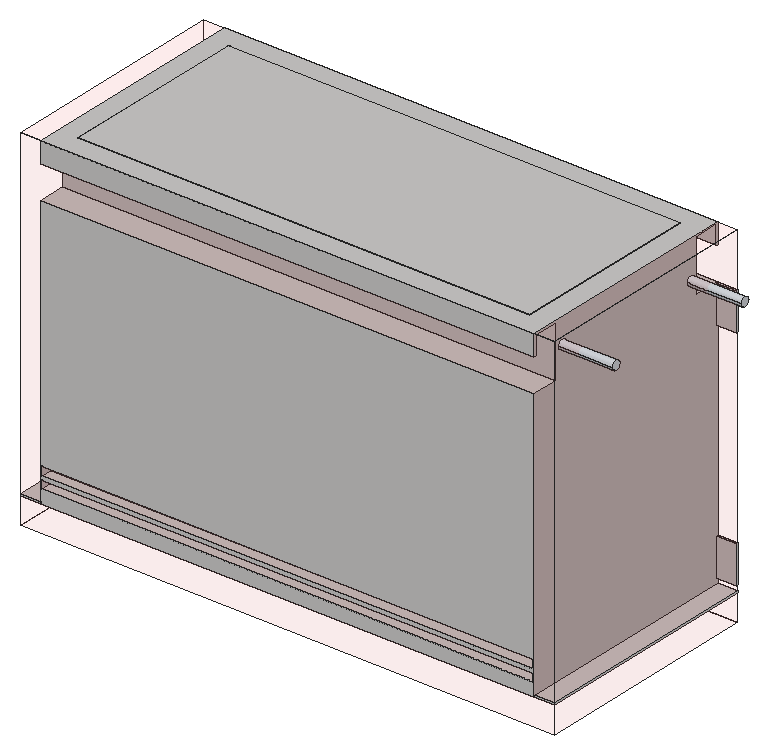
Revit family "Air-Curtain_Customer-Entry_PoweredAire_CHS", category Mechanical Equipment, host Face, Revit 2019
Family settings
  Host = Face
  Round Connector Dimension = Use Diameter
  Part Type = Normal
  OmniClass Number = 23.75.35.17.21
  OmniClass Title = Air Curtains
  Cut with Voids When Loaded = No
  Shared = No
  Room Calculation Point = No
Parameters
  upperrotation [instance] = if(Upper Pipe Connection Side A, 0.00°, 180.00°)  # 0.00°
  lowerrotation [instance] = if(Lower Pipe Connection Side A, 0.00°, 180.00°)  # 0.00°
  locateupperpipe [instance] = if(Upper Pipe Connection Side A, 0' 0", Nozzle Width)  # 0' - 0"
  locatelowerpipe [instance] = if(Lower Pipe Connection Side A, 0' 0", Nozzle Width)  # 0' - 0"
  Warranty Duration (Years) = 0
  Upper Pipe Connection Side A [instance] = yes
  Unit Width Notes = "Other Widths available."  # constant formula
  Unit Width = 3' - 3"
  Unit Weight = 0
  Unit Height = 1' - 4 3/4"
  Unit Depth [instance] = if(Include Filters, 2' 1 7/8", 1' 11 3/4")  # 1' - 11 3/4"
  URL = "http://www.poweredaire.com/"
  Test Data = ""
  Temperature Rise_Range = "as Specified"
  Standards Conformance = "as Specified"
  Specification = "http://www.arcat.com/sdspecs/htm04/23_34_33pai.htm"
  SpecWizard = ""
  Sound Pressure = "as Specified"
  Sales Information = "http://www.poweredaire.com/contact_us"
  Revision = "R1_2016-08"
  Projection from Host [instance] = 0' - 2"
  Product Properties = ""
  Product Data = "http://www.arcat.com/arcatcos/cos47/arc47623.html"
  Power Rating = 0 W
  Piping_Water Flow [instance] = 0 GPM
  Piping_Operating Pressure [instance] = 0.00 psi
  Piping_Exit Temperature [instance] = 0 °F
  Piping_Entry Temperature [instance] = 0 °F
  Pipe OD [instance] = 5/8"
  Outlet Volume_Range = "as Specified"
  Outlet Velocity_Range = "as Specified"
  Nozzle Width = if(1 = 1, Unit Width - 0' 3", 0' 0")  # 3' - 0"
  Mounting Width = if(1 = 1, Unit Width - 0' 1 1/2", 0' 0")  # 3' - 1 1/2"
  Mounting Height [instance] = 3' - 6"
  Motor RPM = 0
  Motor HP = 0
  Motor Count = 0
  Model = "As Specified"
  Max Height = 0' - 0"
  Manufacturer Website = "http://www.poweredaire.com/"
  Manufacturer Phone - Toll Free = "888-321-2473"
  Manufacturer Phone = "724-588-3305"
  Manufacturer Fax = "724-588-3371"
  Manufacturer Address = "109 Mortensen Rd.  Greenville, PA 16125"
  Manufacturer = "Powered Aire, Inc"
  Maintenance Schedule (Months) = 0
  Lower Pipe Connection Side A [instance] = yes
  Keynote = "23 34 33"
  Installation-Fabrication = ""
  Installation Phase = ""
  Include Filters [instance] = no
  Include Clearance [instance] = yes
  Heating Element Load = 0 W
  HVAC_Temperature Rise [instance] = 0 °F
  HVAC_Outlet Volume [instance] = 0 CFM
  HVAC_Outlet Velocity Uniformity = 0
  HVAC_Outlet Velocity [instance] = 0 FPM
  HVAC_BTU Input = 0.0 Btu/h
  Green Building-LEED = "http://www.arcat.com/green/clients/leed_data_47623.html"
  Front Grating Material [instance] = Metal - Steel - PoweredAire - Stainless 304 Perforated
  Frame Finish [instance] = Metal - Steel - PoweredAire - Stainless 304
  Expected Lifespan (Years) = 0
  Electrical_Wattage [instance] = Power Rating + Heating Element Load  # 0 W
  Electrical_Voltage [instance] = 0 V
  Electrical_Phase [instance] = 1
  Electrical_Frequency [instance] = 0 Hz
  Electrical_Amperage [instance] = 0 A
  Drawn By = "Sumex Design, Inc. / Robert S. Weygant, CSI, CDT, SCIP"
  Description = "Powered Aire Air Curtain as Specified"
  Default Elevation = 0' - 0"  # constant formula
  Copyright = "©Arcat Inc."
  Construction Details = "http://www.arcat.com/details/powair/prod3336.html"
  Clearance_Top [instance] = 0' - 0"
  Clearance_Side B [instance] = 0' - 0"
  Clearance_Side A [instance] = 0' - 0"
  Clearance_Intake [instance] = 0' - 0"
  Clearance_Bottom [instance] = 0' - 0"
  Clearance Material [instance] = ARCAT Clearance
  Building Codes = ""
  Available Options [instance] = "as Specified"
  Assembly Code = "D3090400"
Reference planes (in)
  plane 1 "Center (Elevation)": y = 0.13818
  plane 2: z = 0
  plane 3 "Center (Left/Right)": x = 0
  plane 4: y = 8.51318
  plane 5: y = -8.23682
  plane 6: x = -19.5
  plane 7: x = 19.5
  plane 8: z = 25.75
  plane 9 "FF": y = -41.86182
  plane 10: z = 2
  plane 11: x = 18
  plane 12: x = -18
  plane 13: y = 8.51318
  plane 14: y = -8.23682
  plane 15: x = -19.5
  plane 16: x = 19.5
  plane 17: z = 25.75
  plane 18: x = 17.9375
  plane 19: x = -17.9375
  plane 20: x = 18
  plane 21: x = 18
  plane 22: y = 6.01318
  plane 23: y = -5.73682
Forms (in)
  Extrusion 1, solid, material "Metal - Steel - PoweredAire - Stainless 304" <- "Frame Finish"
    sketch origin (0, 0, 0) x (0, 1, 0) y (0, 0, 1)
      loop
        line (-8.23682, 2) -> (8.51318, 2) -> (8.51318, 21.8125) -> (6.51318, 21.8125) -> (6.51318, 25.625) -> (8.38818, 25.625) -> (8.38818, 24.25) -> (8.51318, 24.25) -> (8.51318, 25.75) -> (-8.23682, 25.75) -> (-8.23682, 24.25) -> (-8.11182, 24.25) -> (-8.11182, 25.625) -> (-6.23682, 25.625) -> (-6.23682, 21.8125) -> (-8.23682, 21.8125) -> (-8.23682, 2)
    from -18 to 18
  Extrusion 2, solid, material "ARCAT Clearance" <- "Clearance Material", visible <- "Include Clearance"
    sketch origin (0, 0, 0) x (0, 1, 0) y (0, 0, 1)
      loop
        line (-8.23682, 25.75) -> (-8.23682, 0) -> (8.51318, 0) -> (8.51318, 25.75) -> (-8.23682, 25.75)
    from -19.5 to 19.5
  Extrusion 3, solid, material "Metal - Steel - PoweredAire - Stainless 304" <- "Frame Finish"
    sketch origin (-15.17702, -180, 2) x (-1, 0, 0) y (0, -1, 0)
      loop
        line (-33.17702, -188.51318) -> (-33.17702, -171.76318) -> (-34.67702, -171.76318) -> (-34.67702, -188.51318) -> (-33.17702, -188.51318)
      loop
        line (2.82298, -188.51318) -> (4.32298, -188.51318) -> (4.32298, -171.76318) -> (2.82298, -171.76318) -> (2.82298, -188.51318)
    from 0 to 0.125
  Extrusion 4, solid, material "Metal - Steel - PoweredAire - Stainless 304" <- "Frame Finish"
    sketch origin (-11.83813, 8.51318, 48) x (-1, 0, 0) y (0, 0, 1)
      loop
        line (-29.83813, -45.5) -> (-29.83813, -42.75) -> (-31.33813, -42.75) -> (-31.33813, -45.5) -> (-29.83813, -45.5)
      loop
        line (-29.83813, -28.9375) -> (-29.83813, -26.1875) -> (-31.33813, -26.1875) -> (-31.33813, -28.9375) -> (-29.83813, -28.9375)
      loop
        line (6.16187, -45.5) -> (7.66187, -45.5) -> (7.66187, -42.75) -> (6.16187, -42.75) -> (6.16187, -45.5)
      loop
        line (6.16187, -28.9375) -> (7.66187, -28.9375) -> (7.66187, -26.1875) -> (6.16187, -26.1875) -> (6.16187, -28.9375)
    from 0 to -0.125
  Extrusion 5, void
    sketch origin (0, 0, 0) x (0, 1, 0) y (0, 0, 1)
      loop
        line (-8.23682, 3) -> (-7.23682, 3) -> (-7.23682, 4.5) -> (-8.23682, 4.5) -> (-8.23682, 3.82425) -> (-7.38364, 3.82425) -> (-7.38364, 3.57425) -> (-8.23682, 3.57425) -> (-8.23682, 3)
    from -17.9375 to 17.9375
  Extrusion 6, solid, material "Metal - Steel - PoweredAire - Stainless 304 Perforated" <- "Front Grating Material"
    sketch origin (0, -8.23682, 25.75) x (0, 1, 0) y (-1, 0, 0)
      loop
        line (15.25, 16.5) -> (1.5, 16.5) -> (1.5, -16.5) -> (15.25, -16.5) -> (15.25, 16.5)
    from 0 to 0.03125
  Sweep 7, solid
    path origin (18, 6.01318, 0) x (1, 0, 0) y (0, 1, 0)
      loop
        line (0, 0) -> (4, 0)
    profile origin (20, 6.01318, 0) x (0, 1, 0) y (0, 0, 1)
      loop
        circle (0, 23) r 0.3125
  Sweep 8, solid
    path origin (18, -5.73682, 0) x (1, 0, 0) y (0, 1, 0)
      loop
        line (0, 0) -> (4, 0)
    profile origin (20, -5.73682, 0) x (0, 1, 0) y (0, 0, 1)
      loop
        circle (0, 24) r 0.3125
Cuts and joins
  Extrusion 5 cuts Extrusion 1
Lines and regions (in)
  reference lines
    curve 1: line (18, 6.01318, 0) -> (22.75, 6.01318, 0)
    curve 2: line (18, -5.73682, 0) -> (23.75, -5.73682, 0)
Dimensions and locks (in)
  equal spacing: plane 4, plane 1 "Center (Elevation)", plane 5
  "Unit Height": plane 4 to plane 5
  equal spacing: plane 6, plane 3 "Center (Left/Right)", plane 7
  "Unit Width": plane 6 to plane 7
  "Mounting Height": plane 1 "Center (Elevation)" to plane 9 "FF"
  "Projection from Host": plane 10 to level
  "Unit Depth": plane 8 to plane 10
  locked: plane 6 to plane 12 at 1.5
  locked: plane 11 to plane 7 at 1.5
  "Clearance_Side A": plane 7 to plane 16
  "Clearance_Side B": plane 15 to plane 6
  "Clearance_Top": plane 13 to plane 4
  "Clearance_Bottom": plane 5 to plane 14
  "Clearance_Intake": plane 17 to plane 8
  plane 5 to Extrusion 1 sketch curve to Extrusion 1 sketch curve = 0' - 0 1/8" locked, 0' - 1 7/8" locked
  Extrusion 1 sketch curve to Extrusion 1 sketch curve to plane 4 = 0' - 1 7/8" locked, 0' - 0 1/8" locked
  Extrusion 4 sketch curve to Extrusion 4 sketch curve to Extrusion 4 sketch curve to Extrusion 4 sketch curve to plane 10 = 0' - 2 3/4" locked, 1' - 1 13/16" locked, 0' - 2 3/4" locked, 0' - 0 1/2" locked
  Extrusion 4 sketch curve to Extrusion 4 sketch curve to Extrusion 4 sketch curve to Extrusion 4 sketch curve = 0' - 2 3/4" locked, 1' - 1 13/16" locked, 0' - 2 3/4" locked
  locked: Extrusion 4 sketch curve to plane 10 at 0.5
  plane 8 to Extrusion 1 sketch curve to Extrusion 1 sketch curve = 0' - 0 1/8" locked, 0' - 1 3/8" locked  (x2)
  locked: Extrusion 1 sketch curve to plane 10 at 19.8125  (x2)
  Extrusion 5 sketch curve to Extrusion 5 sketch curve to Extrusion 5 sketch curve to Extrusion 5 sketch curve to plane 10 = 0' - 0.67575" locked, 0' - 0 1/4" locked, 0' - 0.57425" locked, 0' - 1" locked
  plane 5 to Extrusion 5 sketch curve to Extrusion 5 sketch curve = 0' - 0.85319" locked, 0' - 0.14681" locked
  locked: plane 19 to plane 12 at 0.0625
  locked: plane 11 to plane 18 at 0.0625
  locked: plane 4 to Extrusion 6 sketch curve at 1.5
  locked: Extrusion 6 sketch curve to plane 5 at 1.5
  locked: Extrusion 6 sketch curve to plane 11 at 1.5
  locked: plane 12 to Extrusion 6 sketch curve at 1.5
  "locateupperpipe": plane 20 to plane 11
  "locatelowerpipe": plane 21 to plane 11
  locked: plane 4 to plane 22 at 2.5
  locked: plane 23 to plane 5 at 2.5
  locked: curve 1 to Sweep 7 sketch curve at 4
  locked: curve 1 to Sweep 7 sketch curve
  locked: Sweep 7 sketch curve to plane 10 at 21
  locked: curve 2 to Sweep 8 sketch curve at 4
  locked: curve 2 to Sweep 8 sketch curve
  locked: Sweep 8 sketch curve to plane 10 at 22
  "upperrotation": angle plane 22 to curve 1
  "lowerrotation": angle plane 23 to curve 2
  aligned and locked: plane 2 to host face
  aligned and locked: level to host face
  aligned and locked: Extrusion 2 sketch curve to plane 17
  aligned and locked: plane 14 to Extrusion 2 sketch curve
  aligned and locked: level to Extrusion 2 sketch curve
  aligned and locked: Extrusion 2 sketch curve to plane 13
  aligned and locked: plane 16 to Extrusion 2
  aligned and locked: Extrusion 2 to plane 15
  aligned and locked: plane 11 to Extrusion 1
  aligned and locked: Extrusion 1 to plane 12
  aligned and locked: plane 21 to curve 2
  aligned and locked: plane 23 to curve 2
  aligned and locked: plane 22 to curve 1
  aligned and locked: plane 20 to curve 1
Automatic sketch dimensions
  host sketch curve to host sketch curve = 8' - 0"  (x2)
  Extrusion 1 sketch curve to plane 5 = 0' - 0"  (x2)
  Extrusion 1 sketch curve to plane 4 = 0' - 0"  (x2)
  Extrusion 1 sketch curve to plane 10 = 0' - 0"
  Extrusion 1 sketch curve to plane 8 = 0' - 0"
  plane 4 to Extrusion 3 sketch curve = 0' - 0"
  Extrusion 3 sketch curve to plane 7 = 0' - 0"
  plane 5 to Extrusion 3 sketch curve = 0' - 0"
  Extrusion 3 sketch curve to plane 11 = 0' - 0"
  Extrusion 3 sketch curve to plane 4 = 0' - 0"
  Extrusion 3 sketch curve to plane 12 = 0' - 0"
  Extrusion 3 sketch curve to plane 6 = 0' - 0"
  Extrusion 3 sketch curve to plane 5 = 0' - 0"
  Extrusion 4 sketch curve to plane 7 = 0' - 0"  (x2)
  Extrusion 4 sketch curve to plane 11 = 0' - 0"  (x2)
  Extrusion 4 sketch curve to plane 12 = 0' - 0"  (x2)
  Extrusion 4 sketch curve to plane 6 = 0' - 0"  (x2)
  Extrusion 5 sketch curve to plane 5 = 0' - 0"  (x2)
  Sweep 7 sketch curve to profile plane = 0' - 0"
  Sweep 8 sketch curve to profile plane = 0' - 0"
  radius of Sweep 7 sketch curve = 0' - 0 5/16"
  radius of Sweep 8 sketch curve = 0' - 0 5/16"
Connectors (in)
  piping at (22, 6.01318, 23), diameter 0.625, driven by "Pipe OD", driven by "Piping_Water Flow"
    settings: on Sweep 7, index 1, connector inside diameter 24", connector length 0' - 0", flow factor 0, pipe flow 0 GPM, pressure drop 0.00 psi, fitting loss kfactor 0, connector angle 0.00°, fixture units 0, engagement length 0' - 0", angle of deflection 0.00°, flow configuration 0, flow direction 0, fitting loss method 0, system type 29, joint type 0, gender type 0, connector reference index -1, connector utility 0, adjustable connector no, is connector primary yes, connector description "Define Supply or Return and Location"
  piping at (22, -5.73682, 24), diameter 0.625, driven by "Pipe OD", driven by "Piping_Water Flow"
    settings: on Sweep 8, index 2, connector inside diameter 24", connector length 0' - 0", flow factor 0, pipe flow 0 GPM, pressure drop 0.00 psi, fitting loss kfactor 0, connector angle 0.00°, fixture units 0, engagement length 0' - 0", angle of deflection 0.00°, flow configuration 0, flow direction 0, fitting loss method 0, system type 29, joint type 0, gender type 0, connector reference index -1, connector utility 0, adjustable connector no, is connector primary no, connector description "Define Supply or Return and Location"
  electrical at (-18, 0.13818, 21.39062), driven by "Electrical_Voltage", driven by "Electrical_Phase"
    settings: on cut or joined group of Extrusion 1, Extrusion 5, index 3, voltage 0 V, apparent load 0 VA, apparent load phase1 0 VA, apparent load phase2 0 VA, apparent load phase3 0 VA, power factor 1, load classification "Motor", number of poles 1, system type 31, power factor state 1, is connector primary yes, connector utility no, sub classification motor no, connector description ""
